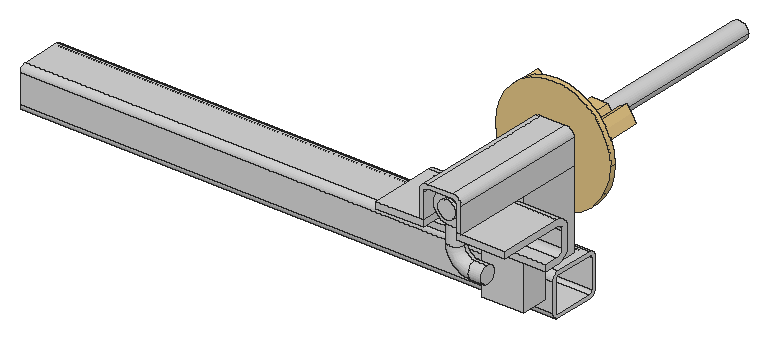
Revit family "EV_LADDER CONNECTOR LGW_1923330", category Generic Models, Revit 2018
Family settings
  Can host rebar = No
  Round Connector Dimension = Use Diameter
  Part Type = Normal
  OmniClass Number = 35.51.14.00
  OmniClass Title = FORMWORK
  Work Plane-Based = Yes
  Always vertical = No
  Cut with Voids When Loaded = No
  Shared = Yes
  Room Calculation Point = No
Parameters
  VERSION = "20170217"  # constant formula
  URL = "www.ulmaconstruction.com/en"
  UNICLASS = ""
  Manufacturer = "ULMA CONSTRUCTION"  # constant formula
  ITEM_CODE = "1923330"
  FILTER [instance] = ""
  Default Elevation = 0.000 mm
  CLASSIFICATION_TITLE = ""
  CLASSIFICATION_NUMBER = ""
Reference planes
  plane 1 "Centro (Frontal/Posterior)": y = 0
  plane 2: z = 0
  plane 3 "Centro (Izquierda/Derecha)": x = 0
  plane 4 "LEDGER": y = 106
Forms (mm)
  Extrusion 1, solid, material "ULMA ZINC"
    sketch origin (0, 0, 0) x (1, 0, 0) y (0, 1, 0)
      loop
        line (-20, 56) -> (20, 56) -> (20, 116) -> (-20, 116) -> (-20, 56)
    from -94 to 6
  Extrusion 2, solid, material "ULMA ZINC", detail levels fine
    sketch origin (0, 0, 0) x (0, 1, 0) y (0, 0, 1)
      loop
        line (-19, 6) -> (-19, 0) -> (44, 0)
        arc (44, 0) -> (48.243, -1.757) -> (50, -6) r 6
        line (50, -6) -> (50, -21)
        arc (50, -21) -> (48.243, -25.243) -> (44, -27) r 6
        line (44, -27) -> (31, -27) -> (31, -33) -> (44, -33)
        arc (44, -33) -> (52.485, -29.485) -> (56, -21) r 12
        line (56, -21) -> (56, -6)
        arc (56, -6) -> (52.485, 2.485) -> (44, 6) r 12
        line (44, 6) -> (-19, 6)
    from -61.5 to 61.5
  Extrusion 3, solid, material "ULMA ZINC"
    sketch origin (0, 0, 0) x (1, 0, 0) y (0, 0, 1)
      loop
        arc (-12, 38) -> (-17.657, 35.657) -> (-20, 30) r 8
        line (-20, 30) -> (-20, 6) -> (-16, 6) -> (-16, 30)
        arc (-16, 30) -> (-14.828, 32.828) -> (-12, 34) r 4
        line (-12, 34) -> (12, 34)
        arc (12, 34) -> (14.828, 32.828) -> (16, 30) r 4
        line (16, 30) -> (16, 6) -> (20, 6) -> (20, 30)
        arc (20, 30) -> (17.657, 35.657) -> (12, 38) r 8
        line (12, 38) -> (-12, 38)
    from -116 to 19
  Extrusion 4, void
    sketch origin (0, 0, 0) x (1, 0, 0) y (0, 0, 1)
      loop
        line (-16, 6) -> (-16, 0) -> (16, 0) -> (16, 6) -> (-16, 6)
    from -44 to 19
  Extrusion 5, void
    sketch origin (0, 0, 0) x (0, 1, 0) y (0, 0, 1)
      loop
        line (81, -94) -> (116, -94) -> (116, -69) -> (81, -69) -> (81, -94)
    from -20 to 20
  Extrusion 6, solid, material "ULMA ZINC"
    sketch origin (0, 0, 0) x (0, 1, 0) y (0, 0, 1)
      loop
        arc (124.85, -109) -> (129.199, -107.199) -> (131, -102.85) r 6.15
        line (131, -102.85) -> (131, -75.15)
        arc (131, -75.15) -> (129.199, -70.801) -> (124.85, -69) r 6.15
        line (124.85, -69) -> (87.15, -69)
        arc (87.15, -69) -> (82.801, -70.801) -> (81, -75.15) r 6.15
        line (81, -75.15) -> (81, -102.85)
        arc (81, -102.85) -> (82.801, -107.199) -> (87.15, -109) r 6.15
        line (87.15, -109) -> (124.85, -109)
      loop
        arc (87, -72) -> (84.879, -72.879) -> (84, -75) r 3
        line (84, -75) -> (84, -103)
        arc (84, -103) -> (84.879, -105.121) -> (87, -106) r 3
        line (87, -106) -> (125, -106)
        arc (125, -106) -> (127.121, -105.121) -> (128, -103) r 3
        line (128, -103) -> (128, -75)
        arc (128, -75) -> (127.121, -72.879) -> (125, -72) r 3
        line (125, -72) -> (87, -72)
    from -482 to 28
Cuts and joins
  Extrusion 4, Extrusion 5 cuts Extrusion 2
  Extrusion 4, Extrusion 5 cuts Extrusion 3
  Extrusion 4, Extrusion 5 cuts Extrusion 1
Lines and regions (mm)
  model lines, style "ULMA WORKING PLATFORMS", detail levels fine
    curve 1: circle (-462, 81, -89) r 6.5 normal (0, -1, 0)
    curve 2: circle (-427, 81, -89) r 6.5 normal (0, -1, 0)
    curve 3: circle (-392, 81, -89) r 6.5 normal (0, -1, 0)
    curve 4: circle (-357, 81, -89) r 6.5 normal (0, -1, 0)
    curve 5: circle (-322, 81, -89) r 6.5 normal (0, -1, 0)
    curve 6: circle (-287, 81, -89) r 6.5 normal (0, -1, 0)
    curve 7: circle (-252, 81, -89) r 6.5 normal (0, -1, 0)
    curve 8: circle (-217, 81, -89) r 6.5 normal (0, -1, 0)
    curve 9: circle (-182, 81, -89) r 6.5 normal (0, -1, 0)
    curve 10: circle (-147, 81, -89) r 6.5 normal (0, -1, 0)
    curve 11: circle (-112, 81, -89) r 6.5 normal (0, -1, 0)
    curve 12: circle (-77, 81, -89) r 6.5 normal (0, -1, 0)
    curve 13: circle (-42, 81, -89) r 6.5 normal (0, -1, 0)
    curve 14: circle (-7, 81, -89) r 6.5 normal (0, -1, 0)
    curve 15: circle (-462, 131, -89) r 6.5 normal (0, -1, 0)
    curve 16: circle (-427, 131, -89) r 6.5 normal (0, -1, 0)
    curve 17: circle (-392, 131, -89) r 6.5 normal (0, -1, 0)
    curve 18: circle (-357, 131, -89) r 6.5 normal (0, -1, 0)
    curve 19: circle (-322, 131, -89) r 6.5 normal (0, -1, 0)
    curve 20: circle (-287, 131, -89) r 6.5 normal (0, -1, 0)
    curve 21: circle (-252, 131, -89) r 6.5 normal (0, -1, 0)
    curve 22: circle (-217, 131, -89) r 6.5 normal (0, -1, 0)
    curve 23: circle (-182, 131, -89) r 6.5 normal (0, -1, 0)
    curve 24: circle (-147, 131, -89) r 6.5 normal (0, -1, 0)
    curve 25: circle (-112, 131, -89) r 6.5 normal (0, -1, 0)
    curve 26: circle (-77, 131, -89) r 6.5 normal (0, -1, 0)
    curve 27: circle (-42, 131, -89) r 6.5 normal (0, -1, 0)
    curve 28: circle (-7, 131, -89) r 6.5 normal (0, -1, 0)
Dimensions and locks
  locked: plane 1 "Centro (Frontal/Posterior)" to plane 4 "LEDGER" at 106
  aligned and locked: level to plane 2
Nested families
  nested 1: "TUERCA PLACA FIJA 15 - 7238000_WORKING PLATFORMS" at (0, 116, 17) x (1, 0, 0) z (0, 1, 0), type "TUERCA PLACA FIJA 15 - 7238000_WORKING PLATFORMS"
    with FILTER ""
  nested 2: "FIJADOR - 1850183 - 1850164_WORKING PLATFORMS" at (0, 0, 2) x (0, 1, 0) z (0, 0, 1), type "LONG HOOK"
    with FILTER ""
Definition of nested family "TUERCA PLACA FIJA 15 - 7238000_WORKING PLATFORMS"
  Parameters (values of type "TUERCA PLACA FIJA 15 - 7238000_WORKING PLATFORMS")
    VERSION = "20170217"  # constant formula
    URL = "www.ulmaconstruction.com/en"
    UNICLASS = ""
    Model = ""
    Manufacturer = "ULMA CONSTRUCTION"  # constant formula
    FILTER [instance] = ""
    Default Elevation = 0.000 mm
    CLASSIFICATION_TITLE = ""
    CLASSIFICATION_NUMBER = ""
  Reference planes
    plane 1 "Centro (Frontal/Posterior)": y = 0
    plane 2: z = 0
    plane 3 "Centro (Izquierda/Derecha)": x = 0
  Forms (mm)
    Extrusion 1, solid
      sketch origin (0, 42.5, 39) x (-1, 0, 0) y (0, -1, 0)
        loop
          circle (0, 42.5) r 55
      from -39 to -34
    Extrusion 2, solid, detail levels fine
      sketch origin (0, 0, 0) x (1, 0, 0) y (0, 1, 0)
        loop
          circle (0, 0) r 16.4
      from 5 to 25
    Extrusion 3, solid, detail levels fine
      sketch origin (0, 0, 0) x (1, 0, 0) y (0, 1, 0)
        loop
          line (7.794, 13.5) -> (-7.794, 13.5) -> (-15.588, 0) -> (-7.794, -13.5) -> (7.794, -13.5) -> (15.588, 0) -> (7.794, 13.5)
      from 25 to 56
    Extrusion 4, solid, detail levels fine
      sketch origin (0, 0, 0) x (1, 0, 0) y (0, 1, 0)
        loop
          line (-51.249, 19.962) -> (-43.895, 15.716)
          arc (-43.895, 15.716) -> (-42.889, 15.447) -> (-41.884, 15.718) r 2.008
          line (-41.884, 15.718) -> (-34.641, 19.9) -> (-34.641, 28.263)
          arc (-34.641, 28.263) -> (-34.91, 29.269) -> (-35.645, 30.006) r 2.015
          line (-35.645, 30.006) -> (-43.022, 34.265)
          arc (-43.022, 34.265) -> (-47.675, 27.424) -> (-51.249, 19.962) r 55
        loop
          arc (51.186, 20.125) -> (47.587, 27.576) -> (42.913, 34.402) r 55
          line (42.913, 34.402) -> (35.558, 30.156)
          arc (35.558, 30.156) -> (34.822, 29.419) -> (34.554, 28.413) r 2.008
          line (34.554, 28.413) -> (34.554, 20.05) -> (41.797, 15.868)
          arc (41.797, 15.868) -> (42.802, 15.598) -> (43.808, 15.866) r 2.015
          line (43.808, 15.866) -> (51.186, 20.125)
        loop
          line (8.337, -54.364) -> (8.337, -45.872)
          arc (8.337, -45.872) -> (8.067, -44.867) -> (7.329, -44.132) r 2.008
          line (7.329, -44.132) -> (0.087, -39.95) -> (-7.156, -44.132)
          arc (-7.156, -44.132) -> (-7.893, -44.867) -> (-8.164, -45.872) r 2.015
          line (-8.164, -45.872) -> (-8.164, -54.391)
          arc (-8.164, -54.391) -> (0.088, -55) -> (8.337, -54.364) r 55
      from 5 to 35
    Blend 5, solid, detail levels fine
      base sketch origin (0, 0, 0) x (1, 0, 0) y (0, 1, 0)
        loop
          arc (-15.798, 4.402) -> (-14.247, 8.123) -> (-11.836, 11.352) r 16.4
          line (-11.836, 11.352) -> (-34.641, 24.519) -> (-34.641, 19.9) -> (-38.641, 17.591) -> (-15.798, 4.402)
      top sketch origin (0, 0, 0) x (1, 0, 0) y (0, 1, 0)
        loop
          spline (-36.457, 18.852) -> (-35.471, 18.034) -> (-34.159, 17.057) -> (-32.563, 15.952) -> (-30.731, 14.753) -> (-28.722, 13.498) -> (-26.598, 12.226) -> (-24.424, 10.976) -> (-22.269, 9.788) -> (-20.2, 8.697) -> (-18.281, 7.74) -> (-16.572, 6.944) -> (-15.127, 6.336)
          arc (-15.127, 6.336) -> (-14.246, 8.125) -> (-13.154, 9.794) r 16.4
          spline (-13.154, 9.794) -> (-14.405, 10.742) -> (-15.948, 11.824) -> (-17.736, 13.006) -> (-19.714, 14.252) -> (-21.82, 15.523) -> (-23.987, 16.779) -> (-26.149, 17.981) -> (-28.238, 19.093) -> (-30.19, 20.078) -> (-31.942, 20.906) -> (-33.442, 21.553) -> (-34.641, 21.996)
          line (-34.641, 21.996) -> (-34.641, 19.9) -> (-36.457, 18.852)
      from 5 to 24.998
    Blend 6, solid, detail levels fine
      base sketch origin (0, 0, 0) x (-0.5, -0.866025, 0) y (0.866025, -0.5, 0)
        loop
          arc (-15.798, 4.402) -> (-14.247, 8.123) -> (-11.836, 11.352) r 16.4
          line (-11.836, 11.352) -> (-34.641, 24.519) -> (-34.641, 19.9) -> (-38.641, 17.591) -> (-15.798, 4.402)
      top sketch origin (0, 0, 0) x (-0.5, -0.866025, 0) y (0.866025, -0.5, 0)
        loop
          spline (-36.457, 18.852) -> (-35.471, 18.034) -> (-34.159, 17.057) -> (-32.563, 15.952) -> (-30.731, 14.753) -> (-28.722, 13.498) -> (-26.598, 12.226) -> (-24.424, 10.976) -> (-22.269, 9.788) -> (-20.2, 8.697) -> (-18.281, 7.74) -> (-16.572, 6.944) -> (-15.127, 6.336)
          arc (-15.127, 6.336) -> (-14.246, 8.125) -> (-13.154, 9.794) r 16.4
          spline (-13.154, 9.794) -> (-14.405, 10.742) -> (-15.948, 11.824) -> (-17.736, 13.006) -> (-19.714, 14.252) -> (-21.82, 15.523) -> (-23.987, 16.779) -> (-26.149, 17.981) -> (-28.238, 19.093) -> (-30.19, 20.078) -> (-31.942, 20.906) -> (-33.442, 21.553) -> (-34.641, 21.996)
          line (-34.641, 21.996) -> (-34.641, 19.9) -> (-36.457, 18.852)
      from 5 to 24.998
    Blend 7, solid, detail levels fine
      base sketch origin (0, 0, 0) x (-0.498104, 0.867117, 0) y (-0.867117, -0.498104, 0)
        loop
          arc (-15.798, 4.402) -> (-14.247, 8.123) -> (-11.836, 11.352) r 16.4
          line (-11.836, 11.352) -> (-34.641, 24.519) -> (-34.641, 19.9) -> (-38.641, 17.591) -> (-15.798, 4.402)
      top sketch origin (0, 0, 0) x (-0.498104, 0.867117, 0) y (-0.867117, -0.498104, 0)
        loop
          spline (-36.457, 18.852) -> (-35.471, 18.034) -> (-34.159, 17.057) -> (-32.563, 15.952) -> (-30.731, 14.753) -> (-28.722, 13.498) -> (-26.598, 12.226) -> (-24.424, 10.976) -> (-22.269, 9.788) -> (-20.2, 8.697) -> (-18.281, 7.74) -> (-16.572, 6.944) -> (-15.127, 6.336)
          arc (-15.127, 6.336) -> (-14.246, 8.125) -> (-13.154, 9.794) r 16.4
          spline (-13.154, 9.794) -> (-14.405, 10.742) -> (-15.948, 11.824) -> (-17.736, 13.006) -> (-19.714, 14.252) -> (-21.82, 15.523) -> (-23.987, 16.779) -> (-26.149, 17.981) -> (-28.238, 19.093) -> (-30.19, 20.078) -> (-31.942, 20.906) -> (-33.442, 21.553) -> (-34.641, 21.996)
          line (-34.641, 21.996) -> (-34.641, 19.9) -> (-36.457, 18.852)
      from 5 to 24.998
    Revolve 8, void
      sketch origin (0, 0, 0) x (0, 1, 0) y (0, 0, 1)
        loop
          arc (-39.95, 25) -> (-28.175, 18.72) -> (-16.4, 24.999) r 14.18
          line (-16.4, 24.999) -> (-16.4, 26.999) -> (-39.95, 26.999) -> (-39.95, 25)
        axis (0, 24.999) -> (0, 26.999)
      angle from 0 to 360
  Cuts and joins
    Revolve 8 cuts Extrusion 3
    Revolve 8 cuts Blend 5
    Revolve 8 cuts Blend 6
    Revolve 8 cuts Blend 7
  Lines and regions (mm)
    model lines, detail levels fine
      curve 1: circle (0, 0, 0) r 7.5 normal (0, 0, 1)
      curve 2: circle (0, 0, 56) r 7.5 normal (0, 0, 1)
  Dimensions and locks
    aligned and locked: level to plane 2
Definition of nested family "FIJADOR - 1850183 - 1850164_WORKING PLATFORMS"
  Parameters (values of type "HOOK")
    VERSION = "20170217"  # constant formula
    URL = "www.ulmaconstruction.com/en"
    UNICLASS = ""
    Manufacturer = "ULMA CONSTRUCTION"  # constant formula
    LENGTH = 189.000 mm
    ITEM_WEIGHT = 0.45 kg
    ITEM_CODE = "1850164"
    FILTER [instance] = ""
    Default Elevation = 0.000 mm
    CLASSIFICATION_TITLE = ""
    CLASSIFICATION_NUMBER = ""
  Types (2, lengths in mm): name | LENGTH | ITEM_WEIGHT | ITEM_CODE
    HOOK | 189.000 | 0.45 kg | "1850164"
    LONG HOOK | 339.000 | 0.71 kg | "1850183"
  Reference planes
    plane 1 "Centro (Frontal/Posterior)": y = 0
    plane 2: z = 0
    plane 3 "Centro (Izquierda/Derecha)": x = 0
    plane 4 "LENGTH": x = 189
  Forms (mm)
    Extrusion 1, solid, detail levels fine
      sketch origin (0, 0, 0) x (0, 1, 0) y (0, 0, 1)
        loop
          circle (0, 15) r 15
      from -8 to 8
    Extrusion 2, solid, detail levels fine
      sketch origin (0, 0, 0) x (0, 1, 0) y (0, 0, 1)
        loop
          circle (0, 15) r 8.5
      from -11 to 189
    Sweep 3, solid, detail levels fine
      path in 3D
        loop
          line (0, -30, -35) -> (0, -18, -35)
          arc (0, -18, -35) -> (0, -5.272, -29.728) -> (0, 0, -17) r 18
          line (0, 0, -17) -> (0, 0, 15)
      profile origin (0, -24, -35) x (0, 0, 1) y (1, 0, 0)
        loop
          circle (0, 0) r 8
  Cuts and joins
    joined: Extrusion 1, Extrusion 2, Sweep 3
  Lines and regions (mm)
    reference lines
      curve 1: line (0, -30, -35) -> (0, -18, -35)
      curve 2: arc (0, -18, -35) -> (0, -5.272, -29.728) -> (0, 0, -17) r 18
      curve 3: line (0, 0, -17) -> (0, 0, 15)
    sketch lines
      curve 4: line (0, -30, -35) -> (0, -18, -35)
      curve 5: arc (0, -18, -35) -> (0, -5.272, -29.728) -> (0, 0, -17) r 18
      curve 6: line (0, 0, -17) -> (0, 0, 15)
    model lines, detail levels medium
      curve 7: line (-11, 0, 15) -> (189, 0, 15)
      curve 8: line (0, -30, -35) -> (0, -18, -35)
      curve 9: arc (0, -18, -35) -> (0, -5.272, -29.728) -> (0, 0, -17) r 18
      curve 10: line (0, 0, -17) -> (0, 0, 15)
  Dimensions and locks
    locked: cut or joined group of Extrusion 1, Extrusion 2, Sweep 3 to cut or joined group of Extrusion 1, Extrusion 2, Sweep 3 at 16
    cut or joined group of Extrusion 1, Extrusion 2, Sweep 3 to plane 3 "Centro (Izquierda/Derecha)" to cut or joined group of Extrusion 1, Extrusion 2, Sweep 3 = 8.000 mm locked, 8.000 mm locked
    "LENGTH": plane 4 "LENGTH" to plane 3 "Centro (Izquierda/Derecha)"
    aligned and locked: level to plane 2
    aligned and locked: plane 4 "LENGTH" to cut or joined group of Extrusion 1, Extrusion 2, Sweep 3
  Automatic sketch dimensions
    Extrusion 1 sketch curve to plane 1 "Centro (Frontal/Posterior)" = 0.000 mm
    level to Extrusion 1 sketch curve = 15.000 mm
    Extrusion 2 sketch curve to plane 1 "Centro (Frontal/Posterior)" = 0.000 mm
    level to Extrusion 2 sketch curve = 15.000 mm
    curve 3 to plane 1 "Centro (Frontal/Posterior)" = 0.000 mm
    plane 1 "Centro (Frontal/Posterior)" to curve 1 = 18.000 mm
    curve 1 to level = 35.000 mm
    curve 1 to curve 2 = 12.000 mm
    level to curve 3 = 15.000 mm
    Sweep 3 sketch curve to profile plane = 0.000 mm  (x2)
    curve 7 to plane 4 "LENGTH" = 0.000 mm
    level to curve 7 = 15.000 mm
    curve 7 to plane 3 "Centro (Izquierda/Derecha)" = 11.000 mm
    curve 9 to plane 1 "Centro (Frontal/Posterior)" = 0.000 mm
    plane 1 "Centro (Frontal/Posterior)" to curve 8 = 18.000 mm
    curve 8 to level = 35.000 mm
    curve 8 to curve 8 = 12.000 mm
    level to curve 10 = 15.000 mm
    radius of Extrusion 1 sketch curve = 15.000 mm
    radius of Extrusion 2 sketch curve = 8.500 mm
    radius of Sweep 3 sketch curve = 8.000 mm
